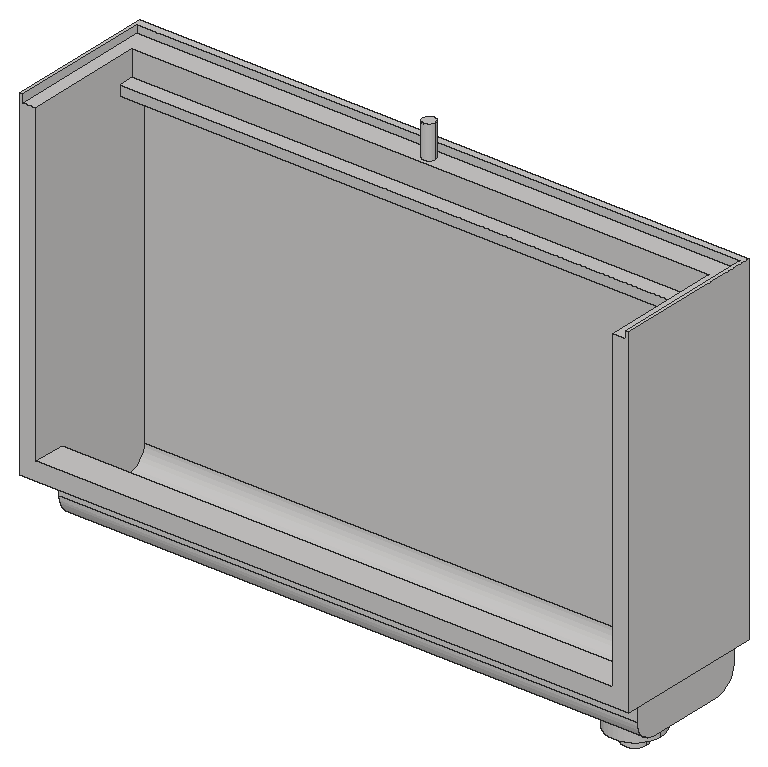
Revit family
Parameters (values of type "1220 X 300")
  Waste Connection Radius = Waste Connection Diameter / 2  # 25 mm
  Waste Connection Diameter = 50 mm
  Waste Connection = 1 = 1  # yes
  WFU = 0
  Vent Connection = 1 = 0  # no
  URL = "http://www.autospec.co.za/browse.php?id=1644179284"
  Product Code = "None"
  OmniClass Title = ""
  OmniClass Number = ""
  Modspec Classification = ""
  Specification = ""
  Location (revit room) = ""
  Material = Stainless Steel Grade 304
  Inlet Pipe Radius = Inlet Pipe Diameter / 2  # 12.5 mm
  Inlet Pipe Diameter = 25 mm
  Height = 780 mm
  HW Connection = 1 = 0  # no
  Description = ""
  Depth = 300 mm
  Default Elevation = 0 mm
  Colour = none
  CWFU = 0
  CW Connection = 1 = 1  # yes
  Body Finish = none
  Width = 1220 mm
  Model = "Trough Urinal KTU-1220 X 300"
  Manufacturer = "Kwikot"  # constant formula
  Assembly Code = "D2010210"
Types (8, lengths in mm): name | Waste Connection Radius | Waste Connection Diameter | Width | Model
  (no name) | 25 | 50 | 1220 | "Trough Urinal KTU-1220 X 300"
  1830 X 300 | 20 | 40 | 1830 | "Trough Urinal KTU-1830 X 300"
  1675 X 300 | 25 | 50 | 1675 | "Trough Urinal KTU-1675 X 300"
  1525 X 300 | 25 | 50 | 1525 | "Trough Urinal KTU-1525 X 300"
  1370 X 300 | 25 | 50 | 1370 | "Trough Urinal KTU-1370 X 300"
  1220 X 300 | 25 | 50 | 1220 | "Trough Urinal KTU-1220 X 300"
  1065 X 300 | 25 | 50 | 1065 | "Trough Urinal KTU-1065 X 300"
  915 X 300 | 25 | 50 | 915 | "Trough Urinal KTU-915 X 300"
Reference planes
  plane 1 "Back": y = 0
  plane 2 "Bottom": z = 0
  plane 3 "Center (Left/Right)": x = 0
  plane 4 "Left": x = -610
  plane 5 "Right": x = 610
  plane 6 "Front": y = -300
  plane 7 "Top": z = 780
  plane 8: x = 580
  plane 9: x = -580
  plane 10: x = 510
  plane 11: y = -160
Forms (mm)
  Extrusion 1, solid, material "Stainless Steel Grade 304" <- "Material"
    sketch origin (-610, -491, 4000) x (0, -1, 0) y (0, 0, 1)
      loop
        line (-491, -4000) -> (-191, -4000) -> (-191, -3220) -> (-491, -3220) -> (-491, -4000)
    from 0 to -1220
  Extrusion 2, void
    sketch origin (-610, -491, 4000) x (0, 1, 0) y (0, 0, 1)
      loop
        line (251, -3905) -> (191, -3905) -> (191, -4030) -> (521, -4030) -> (521, -3960) -> (491, -3960)
        arc (491, -3960) -> (479.284, -3988.284) -> (451, -4000) r 40
        line (451, -4000) -> (291, -4000)
        arc (291, -4000) -> (262.716, -3988.284) -> (251, -3960) r 40
        line (251, -3960) -> (251, -3905)
    from 30 to 1190
  Extrusion 3, void
    sketch origin (-820.338, -300, 4000) x (1, 0, 0) y (0, 0, 1)
      loop
        line (240.338, -4000) -> (240.338, -3905) -> (210.338, -3905) -> (210.338, -4000) -> (240.338, -4000)
      loop
        line (1400.338, -4000) -> (1430.338, -4000) -> (1430.338, -3905) -> (1400.338, -3905) -> (1400.338, -4000)
    from 0 to -300
  Extrusion 4, void
    sketch origin (-820.338, -300, 4000) x (1, 0, 0) y (0, 0, 1)
      loop
        line (242.338, -3220) -> (242.338, -3870) -> (1398.338, -3870) -> (1398.338, -3220) -> (242.338, -3220)
    from 0 to -270
  Extrusion 5, void
    sketch origin (-610, -491, 4000) x (0, 1, 0) y (0, 0, 1)
      loop
        line (461, -3955) -> (461, -3870) -> (256, -3870) -> (256, -3955)
        arc (256, -3955) -> (267.716, -3983.284) -> (296, -3995) r 40
        line (296, -3995) -> (421, -3995)
        arc (421, -3995) -> (449.284, -3983.284) -> (461, -3955) r 40
    from 32 to 1188
  Extrusion 6, void
    sketch origin (-779.234, -1524, 780) x (0, -1, 0) y (-1, 0, 0)
      loop
        line (-1224, -174.234) -> (-1509, -174.234) -> (-1509, -1384.234) -> (-1224, -1384.234) -> (-1224, -174.234)
    from 0 to 15
  Extrusion 7, solid, material "Stainless Steel Grade 304" <- "Material"
    sketch origin (-610, -491, 4000) x (0, -1, 0) y (0, 0, 1)
      loop
        line (-461, -3235) -> (-461, -3305) -> (-401, -3305) -> (-401, -3285) -> (-431, -3285) -> (-431, -3235) -> (-461, -3235)
    from -32 to -1188
  Extrusion 8, solid, material "Stainless Steel Grade 304" <- "Material"
    sketch origin (0, 0, 0) x (1, 0, 0) y (0, 1, 0)
      loop
        circle (510, -160) r 35
      loop
        circle (510, -160) r 53
    from 5 to -25
  Extrusion 9, solid, material "Stainless Steel Grade 304"
    sketch origin (-779.234, -1524, 780) x (-1, 0, 0) y (0, -1, 0)
      loop
        circle (-779.234, -1486.5) r 12.5
    from -15 to 50
  Extrusion 10, solid, material "Stainless Steel Grade 304" <- "Material"
    sketch origin (0, 0, 0) x (1, 0, 0) y (0, 1, 0)
      loop
        circle (510, -160) r 25
      loop
        circle (510, -160) r 23
    from -25 to -50
  Extrusion 11, void
    sketch origin (0, 0, 0) x (0, 1, 0) y (1, 0, 0)
      loop
        circle (-160, 510) r 35
    from 0 to -5
  Extrusion 12, solid, material "Stainless Steel Grade 304" <- "Material"
    sketch origin (0, 0, -25) x (0, 1, 0) y (1, 0, 0)
      loop
        circle (-160, 510) r 35
      loop
        circle (-160, 510) r 25
    from 0 to -3
Cuts and joins
  Extrusion 2, Extrusion 3, Extrusion 4, Extrusion 5, Extrusion 6, Extrusion 11 cuts Extrusion 1
  Extrusion 11 cuts Extrusion 7
  Extrusion 11 cuts Extrusion 8
  Extrusion 11 cuts Extrusion 10
  joined: Extrusion 1, Extrusion 7, Extrusion 8, Extrusion 10, Extrusion 12
Lines and regions (mm)
  symbolic lines
    curve 1: line (-610, -300, 780) -> (610, -300, 780)
    curve 2: line (610, -300, 780) -> (610, 0, 780)
    curve 3: line (610, 0, 780) -> (-610, 0, 780)
    curve 4: line (-610, 0, 780) -> (-610, -300, 780)
    curve 5: line (605, -15, 780) -> (-605, -15, 780)
    curve 6: line (-605, -15, 780) -> (-605, -300, 780)
    curve 7: line (-578, -30, 780) -> (-578, -300, 780)
    curve 8: line (-578, -90, 780) -> (578, -90, 780)
    curve 9: line (-578, -60, 780) -> (578, -60, 780)
    curve 10: line (-578, -235, 780) -> (578, -235, 780)
    curve 11: line (578, -300, 780) -> (578, -30, 780)
    curve 12: line (578, -30, 780) -> (-578, -30, 780)
  symbolic lines, detail levels fine
    curve 13: arc (-12.5, -37.5, 780) -> (0, -50, 780) -> (12.5, -37.5, 780) r 12.5
    curve 14: arc (12.5, -37.5, 780) -> (0, -25, 780) -> (-12.5, -37.5, 780) r 12.5
    curve 15: arc (535, -160, -25) -> (510, -185, -25) -> (485, -160, -25) r 25
    curve 16: arc (485, -160, -25) -> (510, -135, -25) -> (535, -160, -25) r 25
    curve 17: arc (545, -160, -25) -> (510, -195, -25) -> (475, -160, -25) r 35
    curve 18: arc (475, -160, -25) -> (510, -125, -25) -> (545, -160, -25) r 35
Dimensions and locks
  "Height": plane 7 "Top" to plane 2 "Bottom"
  "Width": plane 4 "Left" to plane 5 "Right"
  equal spacing: plane 4 "Left", plane 3 "Center (Left/Right)", plane 5 "Right"
  "Depth": plane 1 "Back" to plane 6 "Front"
  plane 7 "Top" to Extrusion 7 = 85 mm
  locked: Extrusion 4 sketch curve to plane 5 "Right" at 32
  locked: plane 4 "Left" to Extrusion 4 sketch curve at 32
  locked: plane 4 "Left" to plane 9 at 30
  locked: plane 8 to plane 5 "Right" at 30
  cut or joined group 1 (Extrusion 1, Extrusion 2, Extrusion 3, Extrusion 4, Extrusion 5, Extrusion 6, Extrusion 7, Extrusion 8, Extrusion 10, Extrusion 11, Extrusion 12) to plane 8 = 2 mm
  Extrusion 9 sketch curve to plane 1 "Back" = 37.5 mm
  Extrusion 10 sketch curve to plane 5 "Right" = 100 mm
  Extrusion 10 sketch curve to plane 1 "Back" = 160 mm
  cut or joined group 1 to plane 6 "Front" = 60 mm
  plane 10 to plane 5 "Right" = 100 mm
  Extrusion 8 sketch curve to plane 6 "Front" = 140 mm
  plane 11 to plane 6 "Front" = 140 mm
  radius of Extrusion 8 sketch curve = 35 mm
  "Inlet Pipe Radius": radius of Extrusion 9 sketch curve
  "Waste Connection Radius": radius of Extrusion 10 sketch curve
  radius of Extrusion 2 sketch curve = 40 mm  (x2)
  aligned and locked: plane 2 "Bottom" to level
  aligned and locked: Extrusion 1 sketch curve to level
  aligned and locked: Extrusion 1 sketch curve to plane 1 "Back"
  aligned and locked: plane 7 "Top" to Extrusion 1 sketch curve
  aligned and locked: Extrusion 1 sketch curve to plane 6 "Front"
  aligned and locked: Extrusion 3 sketch curve to cut or joined group 1  (x3)
  aligned and locked: Extrusion 3 sketch curve to plane 4 "Left"
  aligned and locked: Extrusion 3 sketch curve to plane 5 "Right"
  aligned and locked: Extrusion 3 sketch curve to plane 2 "Bottom"
  aligned and locked: Extrusion 3 sketch curve to Extrusion 3 sketch curve
  aligned and locked: plane 7 "Top" to Extrusion 4 sketch curve
  aligned and locked: Extrusion 5 sketch curve to cut or joined group 1
  aligned and locked: cut or joined group 1 to Extrusion 5 sketch curve
  aligned and locked: cut or joined group 1 to Extrusion 6 sketch curve
  aligned and locked: Extrusion 7 sketch curve to cut or joined group 1  (x2)
  aligned and locked: cut or joined group 1 to Extrusion 7  (x2)
  aligned and locked: Extrusion 1 to plane 5 "Right"
  aligned and locked: Extrusion 2 to Extrusion 3
  aligned and locked: Extrusion 2 to plane 8
  aligned and locked: Extrusion 5 to Extrusion 4
  aligned and locked: plane 3 "Center (Left/Right)" to Extrusion 9 sketch curve
  aligned and locked: cut or joined group 1 to Extrusion 9
  aligned and locked: Extrusion 10 to cut or joined group 1
  aligned and locked: curve 1 to cut or joined group 1
  aligned and locked: curve 2 to cut or joined group 1
  aligned and locked: curve 3 to cut or joined group 1
  aligned and locked: curve 4 to cut or joined group 1
  aligned and locked: curve 5 to cut or joined group 1
  aligned and locked: curve 6 to cut or joined group 1
  aligned and locked: curve 7 to cut or joined group 1
  aligned and locked: curve 8 to cut or joined group 1
  aligned and locked: curve 9 to cut or joined group 1
  aligned and locked: curve 10 to cut or joined group 1
  aligned and locked: curve 11 to cut or joined group 1
  aligned and locked: curve 13 to Extrusion 9
  aligned and locked: curve 14 to Extrusion 9
  aligned and locked: plane 10 to Extrusion 10 sketch curve
  aligned and locked: Extrusion 11 sketch curve to cut or joined group 1  (x2)
  aligned and locked: Extrusion 11 to Extrusion 5
  aligned and locked: Extrusion 12 sketch curve to cut or joined group 1  (x4)
  aligned and locked: Extrusion 8 to Extrusion 5
  aligned and locked: curve 15 to cut or joined group 1
  aligned and locked: curve 16 to cut or joined group 1
  aligned and locked: curve 17 to cut or joined group 1
  aligned and locked: curve 18 to cut or joined group 1
  aligned and locked: plane 10 to Extrusion 8 sketch curve
Automatic sketch dimensions
  Extrusion 2 sketch curve to plane 6 "Front" = 0 mm
  Extrusion 2 sketch curve to level = 0 mm
  Extrusion 2 sketch curve to plane 1 "Back" = 0 mm
  plane 6 "Front" to Extrusion 2 sketch curve = 60 mm
  Extrusion 2 sketch curve to Extrusion 2 sketch curve = 30 mm
  Extrusion 2 sketch curve to level = 30 mm
  plane 1 "Back" to Extrusion 5 sketch curve = 70 mm
  plane 6 "Front" to Extrusion 5 sketch curve = 105 mm
  plane 6 "Front" to Extrusion 5 sketch curve = 65 mm
  plane 1 "Back" to Extrusion 6 sketch curve = 15 mm
  plane 5 "Right" to Extrusion 6 sketch curve = 5 mm
  Extrusion 6 sketch curve to plane 4 "Left" = 5 mm
  Extrusion 7 sketch curve to Extrusion 7 sketch curve = 30 mm  (x2)
  Extrusion 7 sketch curve to Extrusion 7 sketch curve = 50 mm
  Extrusion 7 sketch curve to Extrusion 7 sketch curve = 20 mm
  Extrusion 2 sketch curve to Extrusion 2 sketch curve = 55 mm
  Extrusion 3 sketch curve to Extrusion 3 sketch curve = 95 mm
  level to Extrusion 4 sketch curve = 130 mm
  level to Extrusion 5 sketch curve = 45 mm
  curve 1 to plane 5 "Right" = 0 mm
  curve 11 to plane 6 "Front" = 0 mm
  plane 1 "Back" to curve 4 = 0 mm
  curve 4 to plane 4 "Left" = 0 mm
  plane 5 "Right" to curve 5 = 5 mm
  plane 8 to curve 12 = 2 mm
  curve 7 to plane 9 = 2 mm
  curve 6 to plane 4 "Left" = 5 mm
  plane 1 "Back" to curve 6 = 15 mm
  plane 1 "Back" to curve 11 = 30 mm
  curve 7 to curve 9 = 30 mm
  curve 9 to curve 8 = 30 mm
  plane 6 "Front" to curve 10 = 65 mm
  Extrusion 8 sketch curve to plane 10 = 0 mm
  Extrusion 10 sketch curve to plane 11 = 0 mm
  Extrusion 8 sketch curve to Extrusion 8 sketch curve = 0 mm
  radius of Extrusion 10 sketch curve = 23 mm
  radius of Extrusion 8 sketch curve = 53 mm
Connectors
  piping at (510, -160, -50), driven by "Waste Connection Radius", driven by "WFU"
    settings: on cut or joined group 1, index 1, connector radius 25 mm, flow factor 0, pipe flow 0.0 L/s, pressure drop 0.0 Pa, fitting loss kfactor 0, connector angle 0.00°, fixture units 0, flow configuration 3, flow direction 2, fitting loss method 0, system type 16, connector reference index -1, connector utility 0, adjustable connector no, is connector primary no, fitting loss table "", connector description ""
  piping at (0, -37.5, 830), driven by "Inlet Pipe Radius", driven by "CWFU"
    settings: on Extrusion 9, index 2, connector radius 12.5 mm, flow factor 0, pipe flow 0.0 L/s, pressure drop 0.0 Pa, fitting loss kfactor 0, connector angle 0.00°, fixture units 0, flow configuration 3, flow direction 1, fitting loss method 0, system type 20, connector reference index -1, connector utility 0, adjustable connector no, is connector primary yes, fitting loss table "", connector description ""
